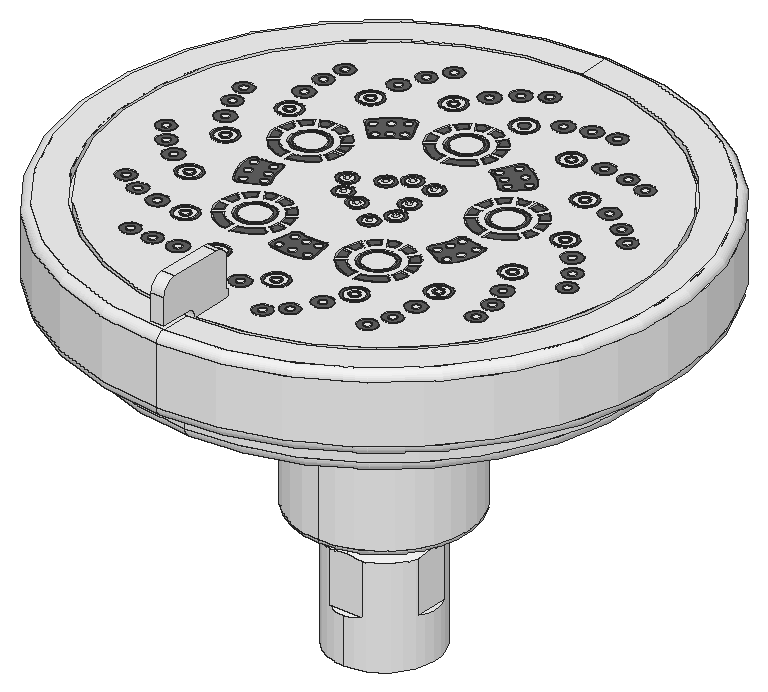
Revit family "S-4600", category Plumbing Fixtures, host Face, Revit 2023
Family settings
  Host = Face
  Round Connector Dimension = Use Diameter
  Part Type = Normal
  Enable Cutting in Views = Yes
  Cut with Voids When Loaded = No
  Maintain Annotation Orientation = No
  Shared = No
  Room Calculation Point = No
Parameters
  Shower Finish = Stainless Steel, Brushed
  Rubber = Rubber, Black
  Default Elevation = 4' - 0"
Reference planes (in)
  plane 1 "Center (Front/Back)": y = 0
  plane 2: z = 0
  plane 3 "Center (Left/Right)": x = 0
  plane 4: z = 3.6875
  plane 5: z = 1.125
  plane 6: z = 4.125
  plane 7: y = -2.62522
  plane 8: y = 2.62459
  plane 9: y = 2.28125
  plane 10: y = -2.28125
  plane 11: x = -2.62638
  plane 12: x = 2.62414
  plane 13: x = -2.28125
  plane 14: x = 2.28125
Forms (in)
  Revolve 1, solid, material "Stainless Steel, Brushed" <- "Shower Finish"
    sketch origin (0, 0, 0) x (0, 1, 0) y (0, 0, 1)
      loop
        line (-0.29852, 0) -> (-0.25, 0.02263) -> (-0.28047, 0.03683) -> (-0.25, 0.05104) -> (-0.28047, 0.06524) -> (-0.25, 0.07945) -> (-0.28047, 0.09366) -> (-0.25, 0.10786) -> (-0.28047, 0.12207) -> (-0.25, 0.13628) -> (-0.28047, 0.15048) -> (-0.25, 0.16469) -> (-0.28047, 0.17889) -> (-0.25, 0.1931) -> (-0.28047, 0.20731) -> (-0.25, 0.22151) -> (-0.28047, 0.23572) -> (-0.25, 0.24993) -> (-0.28047, 0.26413) -> (-0.25, 0.27834) -> (-0.28047, 0.29254) -> (-0.25, 0.30675) -> (-0.28047, 0.32096) -> (-0.25, 0.33516) -> (-0.28047, 0.34937) -> (-0.25, 0.36358) -> (-0.28047, 0.37778) -> (-0.25, 0.39199) -> (-0.28047, 0.40619) -> (-0.25, 0.4204) -> (-0.28047, 0.43461) -> (-0.25, 0.44881) -> (-0.28047, 0.46302) -> (-0.25, 0.47723) -> (-0.28047, 0.49143) -> (-0.25, 0.50564) -> (-0.28047, 0.51984) -> (-0.25, 0.53405) -> (-0.28047, 0.54826) -> (-0.25, 0.56246) -> (-0.28047, 0.57667) -> (-0.25, 0.59088) -> (-0.28047, 0.60508) -> (-0.25, 0.61929) -> (-0.28047, 0.63349) -> (-0.25, 0.6477) -> (-0.28047, 0.66191) -> (-0.25, 0.67611) -> (-0.28047, 0.69032) -> (-0.25, 0.70453) -> (-0.28047, 0.71873) -> (-0.25, 0.73294) -> (-0.28047, 0.74714) -> (-0.25, 0.76135) -> (-0.28047, 0.77556) -> (-0.25, 0.78976) -> (-0.28047, 0.80397) -> (-0.25, 0.81818) -> (-0.28047, 0.83238) -> (-0.25, 0.84659) -> (-0.28047, 0.86079) -> (-0.25, 0.875) -> (0, 0.875) -> (0, 3.60923) -> (-2.02682, 3.60923) -> (-2.02682, 3.6875) -> (-2.24858, 3.6875) -> (-2.24858, 3.60923) -> (-2.28125, 3.60923) -> (-2.28125, 3.6875) -> (-2.54646, 3.6875)
        arc (-2.54646, 3.6875) -> (-2.602, 3.6645) -> (-2.625, 3.60896) r 0.07854
        line (-2.625, 3.60896) -> (-2.625, 3.07913)
        arc (-2.625, 3.07913) -> (-2.59849, 3.01512) -> (-2.53448, 2.98861) r 0.09052
        line (-2.53448, 2.98861) -> (-2.40813, 2.98861)
        arc (-2.40813, 2.98861) -> (-2.32873, 2.95572) -> (-2.29584, 2.87632) r 0.11229
        line (-2.29584, 2.87632) -> (-2.29584, 2.76443)
        arc (-2.29584, 2.76443) -> (-2.26802, 2.69725) -> (-2.20085, 2.66943) r 0.095
        line (-2.20085, 2.66943) -> (-2.02682, 2.66943)
        arc (-2.02682, 2.66943) -> (-1.37149, 2.46028) -> (-0.80449, 2.07076) r 2.35615
        arc (-0.80449, 2.07076) -> (-0.80738, 2.04397) -> (-0.80079, 2.01785) r 0.0765
        arc (-0.80079, 2.01785) -> (-0.80069, 1.99054) -> (-0.78713, 1.96683) r 0.05353
        arc (-0.78713, 1.96683) -> (-0.77561, 1.94904) -> (-0.75781, 1.93752) r 0.05064
        line (-0.75781, 1.93752) -> (-0.75781, 1.16844)
        arc (-0.75781, 1.16844) -> (-0.74509, 1.13772) -> (-0.71437, 1.125) r 0.04344
        line (-0.71437, 1.125) -> (-0.36397, 1.125)
        arc (-0.36397, 1.125) -> (-0.31587, 1.03451) -> (-0.36711, 0.94577) r 0.10569
        line (-0.36711, 0.94577) -> (-0.46336, 0.9009) -> (-0.46336, 0) -> (-0.29852, 0)
      axis (0, 0) -> (0, 3.6875)
    angle from 0 to 360
  Extrusion 2, solid, material "Stainless Steel, Brushed" <- "Shower Finish"
    sketch origin (0, 0, 0) x (0, 1, 0) y (0, 0, 1)
      loop
        line (-2.61046, 3.77036) -> (-2.30673, 3.77036)
        arc (-2.30673, 3.77036) -> (-2.2636, 3.71356) -> (-2.28893, 3.64689) r 0.07354
        line (-2.28893, 3.64689) -> (-1.91016, 3.64689) -> (-1.91016, 3.67969)
        arc (-1.91016, 3.67969) -> (-1.87707, 3.72108) -> (-1.89653, 3.77036) r 0.05284
        line (-1.89653, 3.77036) -> (-1.89653, 4.02052)
        arc (-1.89653, 4.02052) -> (-1.92713, 4.0944) -> (-2.00101, 4.125) r 0.10448
        line (-2.00101, 4.125) -> (-2.485, 4.125)
        arc (-2.485, 4.125) -> (-2.57371, 4.08825) -> (-2.61046, 3.99954) r 0.12546
        line (-2.61046, 3.99954) -> (-2.61046, 3.77036)
    from -0.06077 to 0.05992
  Extrusion 3, solid, material "Stainless Steel, Brushed" <- "Shower Finish"
    sketch origin (0, 0, 0) x (1, 0, 0) y (0, 1, 0)
      loop
        circle (0, 0) r 2.02682
      loop
        arc (-0.25313, 0.75683) -> (-0.14627, 0.66036) -> (-0.00781, 0.62091) r 0.31793
        line (-0.00781, 0.62091) -> (-0.00781, 0.71778)
        arc (-0.00781, 0.71778) -> (-0.1016, 0.74618) -> (-0.17392, 0.8123) r 0.22123
        line (-0.17392, 0.8123) -> (-0.25313, 0.75683)
      loop
        circle (0.00983, 0.93651) r 0.12469
      loop
        line (-0.19317, 1.03091) -> (-0.27329, 1.08701)
        arc (-0.27329, 1.08701) -> (-0.2988, 1.02254) -> (-0.30974, 0.95409) r 0.31793
        line (-0.30974, 0.95409) -> (-0.21287, 0.95409)
        arc (-0.21287, 0.95409) -> (-0.20649, 0.99339) -> (-0.19317, 1.03091) r 0.22123
      loop
        line (-0.21287, 0.92284) -> (-0.30974, 0.92284)
        arc (-0.30974, 0.92284) -> (-0.29779, 0.85078) -> (-0.26972, 0.78336) r 0.31793
        line (-0.26972, 0.78336) -> (-0.18992, 0.83924)
        arc (-0.18992, 0.83924) -> (-0.20553, 0.8799) -> (-0.21287, 0.92284) r 0.22123
      loop
        arc (-0.17804, 1.05846) -> (-0.14594, 1.09753) -> (-0.1058, 1.12829) r 0.22123
        line (-0.1058, 1.12829) -> (-0.16137, 1.20764)
        arc (-0.16137, 1.20764) -> (-0.21433, 1.16592) -> (-0.2573, 1.11396) r 0.31793
        line (-0.2573, 1.11396) -> (-0.17804, 1.05846)
      loop
        arc (-0.07763, 1.14253) -> (-0.0434, 1.15368) -> (-0.00781, 1.15914) r 0.22123
        line (-0.00781, 1.15914) -> (-0.00781, 1.25601)
        arc (-0.00781, 1.25601) -> (-0.07261, 1.24606) -> (-0.13399, 1.22302) r 0.31793
        line (-0.13399, 1.22302) -> (-0.07763, 1.14253)
      loop
        arc (0.02344, 1.15914) -> (0.06725, 1.15156) -> (0.10866, 1.13537) r 0.22123
        line (0.10866, 1.13537) -> (0.1588, 1.21826)
        arc (0.1588, 1.21826) -> (0.09323, 1.24471) -> (0.02344, 1.25601) r 0.31793
        line (0.02344, 1.25601) -> (0.02344, 1.15914)
      loop
        arc (0.1354, 1.11919) -> (0.17161, 1.08716) -> (0.20001, 1.04803) r 0.22123
        line (0.20001, 1.04803) -> (0.27946, 1.10366)
        arc (0.27946, 1.10366) -> (0.23782, 1.15795) -> (0.18553, 1.20208) r 0.31793
        line (0.18553, 1.20208) -> (0.1354, 1.11919)
      loop
        arc (0.21368, 1.01945) -> (0.22358, 0.98733) -> (0.22849, 0.95409) r 0.22123
        line (0.22849, 0.95409) -> (0.32536, 0.95409)
        arc (0.32536, 0.95409) -> (0.316, 1.01659) -> (0.29445, 1.07601) r 0.31793
        line (0.29445, 1.07601) -> (0.21368, 1.01945)
      loop
        arc (0.22849, 0.92284) -> (0.22213, 0.88361) -> (0.20886, 0.84615) r 0.22123
        line (0.20886, 0.84615) -> (0.28898, 0.79005)
        arc (0.28898, 0.79005) -> (0.31445, 0.85445) -> (0.32536, 0.92284) r 0.31793
        line (0.32536, 0.92284) -> (0.22849, 0.92284)
      loop
        arc (0.19375, 0.81858) -> (0.12049, 0.74808) -> (0.02344, 0.71778) r 0.22123
        line (0.02344, 0.71778) -> (0.02344, 0.62091)
        arc (0.02344, 0.62091) -> (0.16519, 0.66221) -> (0.273, 0.76309) r 0.31793
        line (0.273, 0.76309) -> (0.19375, 0.81858)
      loop
        arc (0.65942, 0.09382) -> (0.76629, -0.00265) -> (0.90474, -0.0421) r 0.31793
        line (0.90474, -0.0421) -> (0.90474, 0.05477)
        arc (0.90474, 0.05477) -> (0.81096, 0.08317) -> (0.73864, 0.14929) r 0.22123
        line (0.73864, 0.14929) -> (0.65942, 0.09382)
      loop
        circle (0.92238, 0.27349) r 0.12469
      loop
        line (0.71938, 0.3679) -> (0.63927, 0.42399)
        arc (0.63927, 0.42399) -> (0.61375, 0.35953) -> (0.60282, 0.29107) r 0.31793
        line (0.60282, 0.29107) -> (0.69969, 0.29107)
        arc (0.69969, 0.29107) -> (0.70607, 0.33038) -> (0.71938, 0.3679) r 0.22123
      loop
        line (0.69969, 0.25982) -> (0.60282, 0.25982)
        arc (0.60282, 0.25982) -> (0.61476, 0.18777) -> (0.64283, 0.12035) r 0.31793
        line (0.64283, 0.12035) -> (0.72264, 0.17623)
        arc (0.72264, 0.17623) -> (0.70703, 0.21689) -> (0.69969, 0.25982) r 0.22123
      loop
        arc (0.73451, 0.39545) -> (0.76662, 0.43452) -> (0.80675, 0.46528) r 0.22123
        line (0.80675, 0.46528) -> (0.75119, 0.54463)
        arc (0.75119, 0.54463) -> (0.69823, 0.5029) -> (0.65526, 0.45095) r 0.31793
        line (0.65526, 0.45095) -> (0.73451, 0.39545)
      loop
        arc (0.83493, 0.47952) -> (0.86916, 0.49067) -> (0.90474, 0.49613) r 0.22123
        line (0.90474, 0.49613) -> (0.90474, 0.593)
        arc (0.90474, 0.593) -> (0.83995, 0.58304) -> (0.77857, 0.56001) r 0.31793
        line (0.77857, 0.56001) -> (0.83493, 0.47952)
      loop
        arc (0.93599, 0.49613) -> (0.9798, 0.48855) -> (1.02121, 0.47236) r 0.22123
        line (1.02121, 0.47236) -> (1.07135, 0.55525)
        arc (1.07135, 0.55525) -> (1.00578, 0.5817) -> (0.93599, 0.593) r 0.31793
        line (0.93599, 0.593) -> (0.93599, 0.49613)
      loop
        arc (1.04795, 0.45618) -> (1.08417, 0.42415) -> (1.11256, 0.38501) r 0.22123
        line (1.11256, 0.38501) -> (1.19202, 0.44065)
        arc (1.19202, 0.44065) -> (1.15038, 0.49494) -> (1.09809, 0.53907) r 0.31793
        line (1.09809, 0.53907) -> (1.04795, 0.45618)
      loop
        arc (1.12624, 0.35644) -> (1.13613, 0.32432) -> (1.14105, 0.29107) r 0.22123
        line (1.14105, 0.29107) -> (1.23792, 0.29107)
        arc (1.23792, 0.29107) -> (1.22855, 0.35358) -> (1.20701, 0.413) r 0.31793
        line (1.20701, 0.413) -> (1.12624, 0.35644)
      loop
        arc (1.14105, 0.25982) -> (1.13469, 0.22059) -> (1.12142, 0.18314) r 0.22123
        line (1.12142, 0.18314) -> (1.20154, 0.12704)
        arc (1.20154, 0.12704) -> (1.227, 0.19144) -> (1.23792, 0.25982) r 0.31793
        line (1.23792, 0.25982) -> (1.14105, 0.25982)
      loop
        arc (1.1063, 0.15557) -> (1.03305, 0.08507) -> (0.93599, 0.05477) r 0.22123
        line (0.93599, 0.05477) -> (0.93599, -0.0421)
        arc (0.93599, -0.0421) -> (1.07775, -0.0008) -> (1.18556, 0.10007) r 0.31793
        line (1.18556, 0.10007) -> (1.1063, 0.15557)
      loop
        arc (0.31369, -0.97024) -> (0.42055, -1.06671) -> (0.55901, -1.10616) r 0.31793
        line (0.55901, -1.10616) -> (0.55901, -1.00928)
        arc (0.55901, -1.00928) -> (0.46523, -0.98089) -> (0.39291, -0.91477) r 0.22123
        line (0.39291, -0.91477) -> (0.31369, -0.97024)
      loop
        circle (0.57665, -0.79056) r 0.12469
      loop
        line (0.37365, -0.69615) -> (0.29354, -0.64006)
        arc (0.29354, -0.64006) -> (0.26802, -0.70452) -> (0.25709, -0.77298) r 0.31793
        line (0.25709, -0.77298) -> (0.35396, -0.77298)
        arc (0.35396, -0.77298) -> (0.36033, -0.73368) -> (0.37365, -0.69615) r 0.22123
      loop
        line (0.35396, -0.80423) -> (0.25709, -0.80423)
        arc (0.25709, -0.80423) -> (0.26903, -0.87628) -> (0.2971, -0.9437) r 0.31793
        line (0.2971, -0.9437) -> (0.3769, -0.88782)
        arc (0.3769, -0.88782) -> (0.3613, -0.84716) -> (0.35396, -0.80423) r 0.22123
      loop
        arc (0.38878, -0.6686) -> (0.42089, -0.62953) -> (0.46102, -0.59878) r 0.22123
        line (0.46102, -0.59878) -> (0.40545, -0.51942)
        arc (0.40545, -0.51942) -> (0.3525, -0.56115) -> (0.30953, -0.61311) r 0.31793
        line (0.30953, -0.61311) -> (0.38878, -0.6686)
      loop
        arc (0.4892, -0.58454) -> (0.52343, -0.57338) -> (0.55901, -0.56793) r 0.22123
        line (0.55901, -0.56793) -> (0.55901, -0.47105)
        arc (0.55901, -0.47105) -> (0.49421, -0.48101) -> (0.43284, -0.50404) r 0.31793
        line (0.43284, -0.50404) -> (0.4892, -0.58454)
      loop
        arc (0.59026, -0.56793) -> (0.63407, -0.57551) -> (0.67548, -0.5917) r 0.22123
        line (0.67548, -0.5917) -> (0.72562, -0.50881)
        arc (0.72562, -0.50881) -> (0.66005, -0.48236) -> (0.59026, -0.47105) r 0.31793
        line (0.59026, -0.47105) -> (0.59026, -0.56793)
      loop
        arc (0.70222, -0.60787) -> (0.73844, -0.6399) -> (0.76683, -0.67904) r 0.22123
        line (0.76683, -0.67904) -> (0.84628, -0.62341)
        arc (0.84628, -0.62341) -> (0.80465, -0.56911) -> (0.75236, -0.52498) r 0.31793
        line (0.75236, -0.52498) -> (0.70222, -0.60787)
      loop
        arc (0.78051, -0.70761) -> (0.7904, -0.73973) -> (0.79531, -0.77298) r 0.22123
        line (0.79531, -0.77298) -> (0.89219, -0.77298)
        arc (0.89219, -0.77298) -> (0.88282, -0.71047) -> (0.86128, -0.65106) r 0.31793
        line (0.86128, -0.65106) -> (0.78051, -0.70761)
      loop
        arc (0.79531, -0.80423) -> (0.78896, -0.84346) -> (0.77569, -0.88092) r 0.22123
        line (0.77569, -0.88092) -> (0.8558, -0.93702)
        arc (0.8558, -0.93702) -> (0.88127, -0.87262) -> (0.89219, -0.80423) r 0.31793
        line (0.89219, -0.80423) -> (0.79531, -0.80423)
      loop
        arc (0.76057, -0.90848) -> (0.68732, -0.97899) -> (0.59026, -1.00928) r 0.22123
        line (0.59026, -1.00928) -> (0.59026, -1.10616)
        arc (0.59026, -1.10616) -> (0.73201, -1.06486) -> (0.83983, -0.96398) r 0.31793
        line (0.83983, -0.96398) -> (0.76057, -0.90848)
      loop
        arc (-0.81863, -0.97414) -> (-0.71177, -1.07061) -> (-0.57331, -1.11006) r 0.31793
        line (-0.57331, -1.11006) -> (-0.57331, -1.01319)
        arc (-0.57331, -1.01319) -> (-0.6671, -0.98479) -> (-0.73942, -0.91867) r 0.22123
        line (-0.73942, -0.91867) -> (-0.81863, -0.97414)
      loop
        circle (-0.55567, -0.79447) r 0.12469
      loop
        line (-0.75867, -0.70006) -> (-0.83879, -0.64397)
        arc (-0.83879, -0.64397) -> (-0.8643, -0.70843) -> (-0.87524, -0.77689) r 0.31793
        line (-0.87524, -0.77689) -> (-0.77837, -0.77689)
        arc (-0.77837, -0.77689) -> (-0.77199, -0.73758) -> (-0.75867, -0.70006) r 0.22123
      loop
        line (-0.77837, -0.80814) -> (-0.87524, -0.80814)
        arc (-0.87524, -0.80814) -> (-0.86329, -0.88019) -> (-0.83522, -0.94761) r 0.31793
        line (-0.83522, -0.94761) -> (-0.75542, -0.89173)
        arc (-0.75542, -0.89173) -> (-0.77103, -0.85107) -> (-0.77837, -0.80814) r 0.22123
      loop
        arc (-0.74354, -0.67251) -> (-0.71144, -0.63344) -> (-0.6713, -0.60268) r 0.22123
        line (-0.6713, -0.60268) -> (-0.72687, -0.52333)
        arc (-0.72687, -0.52333) -> (-0.77983, -0.56506) -> (-0.8228, -0.61701) r 0.31793
        line (-0.8228, -0.61701) -> (-0.74354, -0.67251)
      loop
        arc (-0.64313, -0.58844) -> (-0.6089, -0.57729) -> (-0.57331, -0.57183) r 0.22123
        line (-0.57331, -0.57183) -> (-0.57331, -0.47496)
        arc (-0.57331, -0.47496) -> (-0.63811, -0.48492) -> (-0.69949, -0.50795) r 0.31793
        line (-0.69949, -0.50795) -> (-0.64313, -0.58844)
      loop
        arc (-0.54206, -0.57183) -> (-0.49825, -0.57941) -> (-0.45684, -0.5956) r 0.22123
        line (-0.45684, -0.5956) -> (-0.4067, -0.51271)
        arc (-0.4067, -0.51271) -> (-0.47227, -0.48627) -> (-0.54206, -0.47496) r 0.31793
        line (-0.54206, -0.47496) -> (-0.54206, -0.57183)
      loop
        arc (-0.4301, -0.61178) -> (-0.39389, -0.64381) -> (-0.36549, -0.68295) r 0.22123
        line (-0.36549, -0.68295) -> (-0.28604, -0.62731)
        arc (-0.28604, -0.62731) -> (-0.32768, -0.57302) -> (-0.37997, -0.52889) r 0.31793
        line (-0.37997, -0.52889) -> (-0.4301, -0.61178)
      loop
        arc (-0.35182, -0.71152) -> (-0.34192, -0.74364) -> (-0.33701, -0.77689) r 0.22123
        line (-0.33701, -0.77689) -> (-0.24014, -0.77689)
        arc (-0.24014, -0.77689) -> (-0.2495, -0.71438) -> (-0.27105, -0.65496) r 0.31793
        line (-0.27105, -0.65496) -> (-0.35182, -0.71152)
      loop
        arc (-0.33701, -0.80814) -> (-0.34337, -0.84737) -> (-0.35664, -0.88483) r 0.22123
        line (-0.35664, -0.88483) -> (-0.27652, -0.94093)
        arc (-0.27652, -0.94093) -> (-0.25105, -0.87652) -> (-0.24014, -0.80814) r 0.31793
        line (-0.24014, -0.80814) -> (-0.33701, -0.80814)
      loop
        arc (-0.37175, -0.91239) -> (-0.44501, -0.9829) -> (-0.54206, -1.01319) r 0.22123
        line (-0.54206, -1.01319) -> (-0.54206, -1.11006)
        arc (-0.54206, -1.11006) -> (-0.40031, -1.06876) -> (-0.2925, -0.96789) r 0.31793
        line (-0.2925, -0.96789) -> (-0.37175, -0.91239)
      loop
        arc (-1.16823, 0.1018) -> (-1.06137, 0.00533) -> (-0.92291, -0.03412) r 0.31793
        line (-0.92291, -0.03412) -> (-0.92291, 0.06276)
        arc (-0.92291, 0.06276) -> (-1.01669, 0.09115) -> (-1.08901, 0.15727) r 0.22123
        line (-1.08901, 0.15727) -> (-1.16823, 0.1018)
      loop
        circle (-0.90527, 0.28148) r 0.12469
      loop
        line (-1.10827, 0.37588) -> (-1.18838, 0.43198)
        arc (-1.18838, 0.43198) -> (-1.2139, 0.36752) -> (-1.22483, 0.29906) r 0.31793
        line (-1.22483, 0.29906) -> (-1.12796, 0.29906)
        arc (-1.12796, 0.29906) -> (-1.12159, 0.33836) -> (-1.10827, 0.37588) r 0.22123
      loop
        line (-1.12796, 0.26781) -> (-1.22483, 0.26781)
        arc (-1.22483, 0.26781) -> (-1.21289, 0.19576) -> (-1.18482, 0.12833) r 0.31793
        line (-1.18482, 0.12833) -> (-1.10502, 0.18421)
        arc (-1.10502, 0.18421) -> (-1.12062, 0.22488) -> (-1.12796, 0.26781) r 0.22123
      loop
        arc (-1.09314, 0.40344) -> (-1.06103, 0.4425) -> (-1.0209, 0.47326) r 0.22123
        line (-1.0209, 0.47326) -> (-1.07647, 0.55262)
        arc (-1.07647, 0.55262) -> (-1.12942, 0.51089) -> (-1.17239, 0.45893) r 0.31793
        line (-1.17239, 0.45893) -> (-1.09314, 0.40344)
      loop
        arc (-0.99272, 0.4875) -> (-0.95849, 0.49865) -> (-0.92291, 0.50411) r 0.22123
        line (-0.92291, 0.50411) -> (-0.92291, 0.60098)
        arc (-0.92291, 0.60098) -> (-0.98771, 0.59103) -> (-1.04908, 0.56799) r 0.31793
        line (-1.04908, 0.56799) -> (-0.99272, 0.4875)
      loop
        arc (-0.89166, 0.50411) -> (-0.84785, 0.49653) -> (-0.80644, 0.48034) r 0.22123
        line (-0.80644, 0.48034) -> (-0.7563, 0.56323)
        arc (-0.7563, 0.56323) -> (-0.82187, 0.58968) -> (-0.89166, 0.60098) r 0.31793
        line (-0.89166, 0.60098) -> (-0.89166, 0.50411)
      loop
        arc (-0.7797, 0.46417) -> (-0.74348, 0.43213) -> (-0.71509, 0.393) r 0.22123
        line (-0.71509, 0.393) -> (-0.63564, 0.44863)
        arc (-0.63564, 0.44863) -> (-0.67727, 0.50293) -> (-0.72956, 0.54706) r 0.31793
        line (-0.72956, 0.54706) -> (-0.7797, 0.46417)
      loop
        arc (-0.70141, 0.36443) -> (-0.69152, 0.33231) -> (-0.68661, 0.29906) r 0.22123
        line (-0.68661, 0.29906) -> (-0.58973, 0.29906)
        arc (-0.58973, 0.29906) -> (-0.5991, 0.36156) -> (-0.62064, 0.42098) r 0.31793
        line (-0.62064, 0.42098) -> (-0.70141, 0.36443)
      loop
        arc (-0.68661, 0.26781) -> (-0.69296, 0.22858) -> (-0.70623, 0.19112) r 0.22123
        line (-0.70623, 0.19112) -> (-0.62612, 0.13502)
        arc (-0.62612, 0.13502) -> (-0.60065, 0.19942) -> (-0.58973, 0.26781) r 0.31793
        line (-0.58973, 0.26781) -> (-0.68661, 0.26781)
      loop
        arc (-0.72135, 0.16355) -> (-0.7946, 0.09305) -> (-0.89166, 0.06276) r 0.22123
        line (-0.89166, 0.06276) -> (-0.89166, -0.03412)
        arc (-0.89166, -0.03412) -> (-0.74991, 0.00718) -> (-0.64209, 0.10806) r 0.31793
        line (-0.64209, 0.10806) -> (-0.72135, 0.16355)
      loop
        line (0.47293, 0.95295) -> (0.37936, 0.77699)
        arc (0.37936, 0.77699) -> (0.37648, 0.74363) -> (0.39852, 0.71842) r 0.04275
        arc (0.39852, 0.71842) -> (0.49183, 0.6603) -> (0.57062, 0.58364) r 0.51329
        arc (0.57062, 0.58364) -> (0.61286, 0.56256) -> (0.65689, 0.5796) r 0.0584
        line (0.65689, 0.5796) -> (0.78703, 0.70974)
        arc (0.78703, 0.70974) -> (0.80499, 0.7481) -> (0.79423, 0.78907) r 0.0622
        arc (0.79423, 0.78907) -> (0.68093, 0.9057) -> (0.5357, 0.97884) r 0.4901
        arc (0.5357, 0.97884) -> (0.49965, 0.9772) -> (0.47293, 0.95295) r 0.05327
      loop
        circle (0.52244, 0.90476) r 0.03322
      loop
        circle (0.63414, 0.83202) r 0.03322
      loop
        circle (0.7322, 0.75604) r 0.03322
      loop
        circle (0.44646, 0.76773) r 0.03322
      loop
        circle (0.53738, 0.71123) r 0.03322
      loop
        circle (0.6218, 0.64369) r 0.03322
      loop
        line (1.05246, -0.1553) -> (0.85619, -0.12069)
        arc (0.85619, -0.12069) -> (0.82357, -0.12826) -> (0.80641, -0.15701) r 0.04275
        arc (0.80641, -0.15701) -> (0.77996, -0.26371) -> (0.73141, -0.36234) r 0.51329
        arc (0.73141, -0.36234) -> (0.72441, -0.40903) -> (0.75423, -0.44563) r 0.0584
        line (0.75423, -0.44563) -> (0.91821, -0.52919)
        arc (0.91821, -0.52919) -> (0.96024, -0.53442) -> (0.99588, -0.51153) r 0.0622
        arc (0.99588, -0.51153) -> (1.07179, -0.36773) -> (1.09647, -0.207) r 0.4901
        arc (1.09647, -0.207) -> (1.08377, -0.17323) -> (1.05246, -0.1553) r 0.05327
      loop
        circle (1.02192, -0.21729) r 0.03322
      loop
        circle (0.98726, -0.34599) r 0.03322
      loop
        circle (0.9453, -0.46273) r 0.03322
      loop
        circle (0.86812, -0.18737) r 0.03322
      loop
        circle (0.84248, -0.29129) r 0.03322
      loop
        circle (0.80434, -0.39246) r 0.03322
      loop
        line (0.18998, -1.04675) -> (0.1599, -0.84974)
        arc (0.1599, -0.84974) -> (0.14229, -0.82126) -> (0.10955, -0.81421) r 0.04275
        arc (0.10955, -0.81421) -> (0, -0.82334) -> (-0.10898, -0.80893) r 0.51329
        arc (-0.10898, -0.80893) -> (-0.15545, -0.81726) -> (-0.18058, -0.85723) r 0.0584
        line (-0.18058, -0.85723) -> (-0.20721, -1.03933)
        arc (-0.20721, -1.03933) -> (-0.1987, -1.08083) -> (-0.1656, -1.10725) r 0.0622
        arc (-0.1656, -1.10725) -> (-0.00506, -1.13311) -> (0.1551, -1.10501) r 0.4901
        arc (0.1551, -1.10501) -> (0.18303, -1.08216) -> (0.18998, -1.04675) r 0.05327
      loop
        circle (0.12148, -1.03768) r 0.03322
      loop
        circle (-0.01155, -1.04607) r 0.03322
      loop
        circle (-0.13558, -1.04371) r 0.03322
      loop
        circle (0.10056, -0.8824) r 0.03322
      loop
        circle (-0.0061, -0.8914) r 0.03322
      loop
        circle (-0.11415, -0.88766) r 0.03322
      loop
        line (-0.92787, -0.52042) -> (-0.75139, -0.42784)
        arc (-0.75139, -0.42784) -> (-0.73019, -0.40191) -> (-0.73419, -0.36866) r 0.04275
        arc (-0.73419, -0.36866) -> (-0.77848, -0.26805) -> (-0.80034, -0.16032) r 0.51329
        arc (-0.80034, -0.16032) -> (-0.82334, -0.11909) -> (-0.86931, -0.10834) r 0.0584
        line (-0.86931, -0.10834) -> (-1.05017, -0.14246)
        arc (-1.05017, -0.14246) -> (-1.08663, -0.16401) -> (-1.10084, -0.20391) r 0.0622
        arc (-1.10084, -0.20391) -> (-1.07302, -0.36412) -> (-0.99431, -0.50641) r 0.4901
        arc (-0.99431, -0.50641) -> (-0.96361, -0.52537) -> (-0.92787, -0.52042) r 0.05327
      loop
        circle (-0.94159, -0.4527) r 0.03322
      loop
        circle (-0.99284, -0.32965) r 0.03322
      loop
        circle (-1.03099, -0.21161) r 0.03322
      loop
        circle (-0.80158, -0.38236) r 0.03322
      loop
        circle (-0.84482, -0.28444) r 0.03322
      loop
        circle (-0.87647, -0.18106) r 0.03322
      loop
        line (-0.77557, 0.72819) -> (-0.63416, 0.58776)
        arc (-0.63416, 0.58776) -> (-0.60306, 0.57536) -> (-0.57256, 0.58917) r 0.04275
        arc (-0.57256, 0.58917) -> (-0.48995, 0.6617) -> (-0.39379, 0.71497) r 0.51329
        arc (-0.39379, 0.71497) -> (-0.36139, 0.74931) -> (-0.36498, 0.79639) r 0.0584
        line (-0.36498, 0.79639) -> (-0.45195, 0.95859)
        arc (-0.45195, 0.95859) -> (-0.48348, 0.98687) -> (-0.52581, 0.98842) r 0.0622
        arc (-0.52581, 0.98842) -> (-0.67021, 0.91366) -> (-0.78221, 0.79577) r 0.4901
        arc (-0.78221, 0.79577) -> (-0.79105, 0.76079) -> (-0.77557, 0.72819) r 0.05327
      loop
        circle (-0.71512, 0.76167) r 0.03322
      loop
        circle (-0.6132, 0.84757) r 0.03322
      loop
        circle (-0.51212, 0.91948) r 0.03322
      loop
        circle (-0.60591, 0.64932) r 0.03322
      loop
        circle (-0.52554, 0.72002) r 0.03322
      loop
        circle (-0.43648, 0.78132) r 0.03322
      loop
        circle (-0.36299, 0.02664) r 0.08914
      loop
        circle (-0.36299, 0.02664) r 0.05801
      loop
        circle (-0.26107, -0.14438) r 0.08914
      loop
        circle (-0.26107, -0.14438) r 0.05801
      loop
        circle (-0.08142, -0.21693) r 0.08914
      loop
        circle (-0.08142, -0.21693) r 0.05801
      loop
        circle (0.15179, -0.36203) r 0.08914
      loop
        circle (0.15179, -0.36203) r 0.05801
      loop
        circle (0.26234, -0.19447) r 0.08914
      loop
        circle (0.26234, -0.19447) r 0.05801
      loop
        circle (0.22779, 0.00591) r 0.08914
      loop
        circle (0.22779, 0.00591) r 0.05801
      loop
        circle (-0.11251, 0.15965) r 0.08914
      loop
        circle (-0.11251, 0.15965) r 0.05801
      loop
        circle (0.03432, 0.28403) r 0.08914
      loop
        circle (0.03432, 0.28403) r 0.05801
      loop
        circle (0.23989, 0.27712) r 0.08914
      loop
        circle (0.23989, 0.27712) r 0.05801
      loop
        circle (-0.11251, 0.15965) r 0.02676
      loop
        circle (-0.36299, 0.02664) r 0.02676
      loop
        circle (-0.26107, -0.14438) r 0.02676
      loop
        circle (-0.08142, -0.21693) r 0.02676
      loop
        circle (0.15179, -0.36203) r 0.02676
      loop
        circle (0.26234, -0.19447) r 0.02676
      loop
        circle (0.22779, 0.00591) r 0.02676
      loop
        circle (0.23989, 0.27712) r 0.02676
      loop
        circle (0.03432, 0.28403) r 0.02676
      loop
        circle (-0.44727, 1.35736) r 0.11302
      loop
        circle (-0.44727, 1.35736) r 0.08738
      loop
        circle (-0.44727, 1.35736) r 0.04705
      loop
        circle (-0.44727, 1.35736) r 0.03153
      loop
        circle (-0.29939, 1.58686) r 0.09087
      loop
        circle (-0.29939, 1.58686) r 0.03325
      loop
        circle (-0.13862, 1.74634) r 0.08832
      loop
        circle (-0.13862, 1.74634) r 0.03312
      loop
        circle (0.03457, 1.86316) r 0.08414
      loop
        circle (0.03457, 1.86316) r 0.03388
      loop
        circle (0.15405, 1.41895) r 0.11521
      loop
        circle (0.15405, 1.41895) r 0.09222
      loop
        circle (0.15405, 1.41895) r 0.04871
      loop
        circle (0.38191, 1.58686) r 0.09087
      loop
        circle (0.38191, 1.58686) r 0.03325
      loop
        circle (1.00038, 1.28521) r 0.09087
      loop
        circle (1.00038, 1.28521) r 0.03325
      loop
        circle (1.43995, 0.79702) r 0.09087
      loop
        circle (1.43995, 0.79702) r 0.03325
      loop
        circle (1.63401, 0.12025) r 0.09087
      loop
        circle (1.63401, 0.12025) r 0.03325
      loop
        circle (1.54902, -0.57201) r 0.09087
      loop
        circle (1.54902, -0.57201) r 0.03325
      loop
        circle (1.2051, -1.14057) r 0.09087
      loop
        circle (1.2051, -1.14057) r 0.03325
      loop
        circle (0.63851, -1.50852) r 0.09087
      loop
        circle (0.63851, -1.50852) r 0.03325
      loop
        circle (-0.02077, -1.63667) r 0.09087
      loop
        circle (-0.02077, -1.63667) r 0.03325
      loop
        circle (-0.68792, -1.51903) r 0.09087
      loop
        circle (-0.68792, -1.51903) r 0.03325
      loop
        circle (-1.2242, -1.08477) r 0.09087
      loop
        circle (-1.2242, -1.08477) r 0.03325
      loop
        circle (-1.55781, -0.48292) r 0.09087
      loop
        circle (-1.55781, -0.48292) r 0.03325
      loop
        circle (-1.61641, 0.18693) r 0.09087
      loop
        circle (-1.61641, 0.18693) r 0.03325
      loop
        circle (-1.39765, 0.82225) r 0.09087
      loop
        circle (-1.39765, 0.82225) r 0.03325
      loop
        circle (-0.93005, 1.32369) r 0.09087
      loop
        circle (-0.93005, 1.32369) r 0.03325
      loop
        circle (-0.96645, 1.04969) r 0.11302
      loop
        circle (-0.96645, 1.04969) r 0.08738
      loop
        circle (-0.96645, 1.04969) r 0.04705
      loop
        circle (-0.96645, 1.04969) r 0.03153
      loop
        circle (-1.32223, 0.56) r 0.11302
      loop
        circle (-1.32223, 0.56) r 0.08738
      loop
        circle (-1.32223, 0.56) r 0.04705
      loop
        circle (-1.32223, 0.56) r 0.03153
      loop
        circle (-1.44265, -0.02876) r 0.11302
      loop
        circle (-1.44265, -0.02876) r 0.08738
      loop
        circle (-1.44265, -0.02876) r 0.04705
      loop
        circle (-1.44265, -0.02876) r 0.03153
      loop
        circle (-1.308, -0.61197) r 0.11302
      loop
        circle (-1.308, -0.61197) r 0.08738
      loop
        circle (-1.308, -0.61197) r 0.04705
      loop
        circle (-1.308, -0.61197) r 0.03153
      loop
        circle (-0.95355, -1.09983) r 0.11302
      loop
        circle (-0.95355, -1.09983) r 0.08738
      loop
        circle (-0.95355, -1.09983) r 0.04705
      loop
        circle (-0.95355, -1.09983) r 0.03153
      loop
        circle (-0.43032, -1.40192) r 0.11302
      loop
        circle (-0.43032, -1.40192) r 0.08738
      loop
        circle (-0.43032, -1.40192) r 0.04705
      loop
        circle (-0.43032, -1.40192) r 0.03153
      loop
        circle (0.17253, -1.46089) r 0.11302
      loop
        circle (0.17253, -1.46089) r 0.08738
      loop
        circle (0.17253, -1.46089) r 0.04705
      loop
        circle (0.17253, -1.46089) r 0.03153
      loop
        circle (0.7457, -1.27465) r 0.11302
      loop
        circle (0.7457, -1.27465) r 0.08738
      loop
        circle (0.7457, -1.27465) r 0.04705
      loop
        circle (0.7457, -1.27465) r 0.03153
      loop
        circle (1.19365, -0.86484) r 0.11302
      loop
        circle (1.19365, -0.86484) r 0.08738
      loop
        circle (1.19365, -0.86484) r 0.04705
      loop
        circle (1.19365, -0.86484) r 0.03153
      loop
        circle (1.42977, -0.30858) r 0.11302
      loop
        circle (1.42977, -0.30858) r 0.08738
      loop
        circle (1.42977, -0.30858) r 0.04705
      loop
        circle (1.42977, -0.30858) r 0.03153
      loop
        circle (1.42977, 0.29609) r 0.11302
      loop
        circle (1.42977, 0.29609) r 0.08738
      loop
        circle (1.42977, 0.29609) r 0.04705
      loop
        circle (1.42977, 0.29609) r 0.03153
      loop
        circle (1.17498, 0.84249) r 0.11302
      loop
        circle (1.17498, 0.84249) r 0.08738
      loop
        circle (1.17498, 0.84249) r 0.04705
      loop
        circle (1.17498, 0.84249) r 0.03153
      loop
        circle (0.72831, 1.24467) r 0.11302
      loop
        circle (0.72831, 1.24467) r 0.08738
      loop
        circle (0.72831, 1.24467) r 0.04705
      loop
        circle (0.72831, 1.24467) r 0.03153
      loop
        circle (0.59191, 1.65509) r 0.09087
      loop
        circle (0.59191, 1.65509) r 0.03325
      loop
        circle (0.79922, 1.68663) r 0.08414
      loop
        circle (0.79922, 1.68663) r 0.03388
      loop
        circle (1.42828, 1.22179) r 0.08414
      loop
        circle (1.42828, 1.22179) r 0.03388
      loop
        circle (1.8122, 0.53837) r 0.08414
      loop
        circle (1.8122, 0.53837) r 0.03388
      loop
        circle (1.88066, -0.24413) r 0.08414
      loop
        circle (1.88066, -0.24413) r 0.03388
      loop
        circle (1.63342, -0.98551) r 0.08414
      loop
        circle (1.63342, -0.98551) r 0.03388
      loop
        circle (1.09525, -1.56263) r 0.08414
      loop
        circle (1.09525, -1.56263) r 0.03388
      loop
        circle (0.37302, -1.8692) r 0.08414
      loop
        circle (0.37302, -1.8692) r 0.03388
      loop
        circle (-0.41264, -1.85548) r 0.08414
      loop
        circle (-0.41264, -1.85548) r 0.03388
      loop
        circle (-1.12111, -1.52512) r 0.08414
      loop
        circle (-1.12111, -1.52512) r 0.03388
      loop
        circle (-1.63541, -0.93349) r 0.08414
      loop
        circle (-1.63541, -0.93349) r 0.03388
      loop
        circle (-1.86412, -0.18542) r 0.08414
      loop
        circle (-1.86412, -0.18542) r 0.03388
      loop
        circle (-1.71899, 0.39667) r 0.08414
      loop
        circle (-1.71899, 0.39667) r 0.03388
      loop
        circle (-1.77248, 0.59631) r 0.08414
      loop
        circle (-1.77248, 0.59631) r 0.03388
      loop
        circle (-1.37124, 1.25965) r 0.08414
      loop
        circle (-1.37124, 1.25965) r 0.03388
      loop
        circle (-1.40094, 1.04827) r 0.08414
      loop
        circle (-1.40094, 1.04827) r 0.03388
      loop
        circle (-0.8405, 1.53546) r 0.08414
      loop
        circle (-0.8405, 1.53546) r 0.03388
      loop
        circle (-0.72867, 1.71441) r 0.08414
      loop
        circle (-0.72867, 1.71441) r 0.03388
      loop
        circle (1.23207, 1.27016) r 0.08414
      loop
        circle (1.23207, 1.27016) r 0.03388
      loop
        circle (1.65378, 0.6679) r 0.08414
      loop
        circle (1.65378, 0.6679) r 0.03388
      loop
        circle (1.78203, -0.05946) r 0.08414
      loop
        circle (1.78203, -0.05946) r 0.03388
      loop
        circle (1.61639, -0.77695) r 0.08414
      loop
        circle (1.61639, -0.77695) r 0.03388
      loop
        circle (1.1713, -1.3676) r 0.08414
      loop
        circle (1.1713, -1.3676) r 0.03388
      loop
        circle (0.51534, -1.73121) r 0.08414
      loop
        circle (0.51534, -1.73121) r 0.03388
      loop
        circle (-0.21185, -1.76932) r 0.08414
      loop
        circle (-0.21185, -1.76932) r 0.03388
      loop
        circle (-0.90776, -1.53534) r 0.08414
      loop
        circle (-0.90776, -1.53534) r 0.03388
      loop
        circle (-1.44849, -1.0311) r 0.08414
      loop
        circle (-1.44849, -1.0311) r 0.03388
      loop
        circle (-1.72939, -0.35046) r 0.08414
      loop
        circle (-1.72939, -0.35046) r 0.03388
      loop
        circle (0.00983, 0.93651) r 0.16978
      loop
        circle (0.92238, 0.27349) r 0.16978
      loop
        circle (0.57665, -0.79056) r 0.16978
      loop
        circle (-0.55366, -0.79642) r 0.16978
      loop
        circle (-0.90325, 0.27952) r 0.16978
    from 3.60923 to 3.6875
  Extrusion 4, void
    sketch origin (0, 0, 0) x (0, 1, 0) y (0, 0, 1)
      loop
        line (-0.43697, 0.92378) -> (-0.47506, 0.92378) -> (-0.47506, 0.40017) -> (-0.43697, 0.43826) -> (-0.43697, 0.92378)
      loop
        line (0.43697, 0.92378) -> (0.43697, 0.43826) -> (0.47506, 0.40017) -> (0.47506, 0.92378) -> (0.43697, 0.92378)
    from -1.01603 to 0.84822
  Extrusion 5, void
    sketch origin (0, 0, 0) x (1, 0, 0) y (0, 0, 1)
      loop
        line (-0.43697, 0.92378) -> (-0.47506, 0.92378) -> (-0.47506, 0.40017) -> (-0.43697, 0.43826) -> (-0.43697, 0.92378)
      loop
        line (0.43697, 0.92378) -> (0.43697, 0.43826) -> (0.47506, 0.40017) -> (0.47506, 0.92378) -> (0.43697, 0.92378)
    from -1.01603 to 0.84822
  Extrusion 6, solid, material "Rubber, Black" <- "Rubber"
    sketch origin (0, 0, 0) x (1, 0, 0) y (0, 1, 0)
      loop
        arc (0.3085, 0.96971) -> (0.30111, 1.01174) -> (0.28786, 1.05232) r 0.30231
        line (0.28786, 1.05232) -> (0.23246, 1.01352)
        arc (0.23246, 1.01352) -> (0.23857, 0.99186) -> (0.2426, 0.96971) r 0.23686
        line (0.2426, 0.96971) -> (0.3085, 0.96971)
      loop
        arc (0.2426, 0.90721) -> (0.23708, 0.87901) -> (0.2282, 0.85168) r 0.23686
        line (0.2282, 0.85168) -> (0.283, 0.81331)
        arc (0.283, 0.81331) -> (0.29955, 0.85923) -> (0.3085, 0.90721) r 0.30231
        line (0.3085, 0.90721) -> (0.2426, 0.90721)
      loop
        arc (0.19763, 0.79679) -> (0.12775, 0.73422) -> (0.03906, 0.70368) r 0.23686
        line (0.03906, 0.70368) -> (0.03906, 0.63777)
        arc (0.03906, 0.63777) -> (0.15799, 0.67609) -> (0.25126, 0.75923) r 0.30231
        line (0.25126, 0.75923) -> (0.19763, 0.79679)
      loop
        line (-0.17738, 0.7908) -> (-0.23108, 0.7532)
        arc (-0.23108, 0.7532) -> (-0.13907, 0.67423) -> (-0.02344, 0.63777) r 0.30231
        line (-0.02344, 0.63777) -> (-0.02344, 0.70368)
        arc (-0.02344, 0.70368) -> (-0.10885, 0.73233) -> (-0.17738, 0.7908) r 0.23686
      loop
        line (-0.22697, 0.90721) -> (-0.29288, 0.90721)
        arc (-0.29288, 0.90721) -> (-0.2829, 0.85553) -> (-0.26411, 0.80637) r 0.30231
        line (-0.26411, 0.80637) -> (-0.20962, 0.84452)
        arc (-0.20962, 0.84452) -> (-0.22046, 0.87527) -> (-0.22697, 0.90721) r 0.23686
      loop
        arc (-0.22697, 0.96971) -> (-0.22144, 0.99799) -> (-0.21252, 1.02538) r 0.23686
        line (-0.21252, 1.02538) -> (-0.26731, 1.06375)
        arc (-0.26731, 1.06375) -> (-0.28391, 1.01777) -> (-0.29288, 0.96971) r 0.30231
        line (-0.29288, 0.96971) -> (-0.22697, 0.96971)
      loop
        arc (-0.18191, 1.08025) -> (-0.15699, 1.10858) -> (-0.12789, 1.13259) r 0.23686
        line (-0.12789, 1.13259) -> (-0.16543, 1.1862)
        arc (-0.16543, 1.1862) -> (-0.20328, 1.15486) -> (-0.23555, 1.11781) r 0.30231
        line (-0.23555, 1.11781) -> (-0.18191, 1.08025)
      loop
        arc (-0.07185, 1.16152) -> (-0.04795, 1.16866) -> (-0.02344, 1.17324) r 0.23686
        line (-0.02344, 1.17324) -> (-0.02344, 1.23915)
        arc (-0.02344, 1.23915) -> (-0.06779, 1.23116) -> (-0.11047, 1.21667) r 0.30231
        line (-0.11047, 1.21667) -> (-0.07185, 1.16152)
      loop
        arc (0.03906, 1.17324) -> (0.07145, 1.16661) -> (0.10259, 1.15553) r 0.23686
        line (0.10259, 1.15553) -> (0.1367, 1.21192)
        arc (0.1367, 1.21192) -> (0.08903, 1.22966) -> (0.03906, 1.23915) r 0.30231
        line (0.03906, 1.23915) -> (0.03906, 1.17324)
      loop
        arc (0.15607, 1.12318) -> (0.18234, 1.09859) -> (0.20458, 1.0703) r 0.23686
        line (0.20458, 1.0703) -> (0.25821, 1.10785)
        arc (0.25821, 1.10785) -> (0.22714, 1.14651) -> (0.19018, 1.17957) r 0.30231
        line (0.19018, 1.17957) -> (0.15607, 1.12318)
      loop
        circle (0.00983, 0.93651) r 0.15416
      loop
        circle (0.00983, 0.93651) r 0.13853
      loop
        arc (-0.60659, 0.31468) -> (-0.61399, 0.35672) -> (-0.62723, 0.39729) r 0.30231
        line (-0.62723, 0.39729) -> (-0.68264, 0.3585)
        arc (-0.68264, 0.3585) -> (-0.67653, 0.33683) -> (-0.6725, 0.31468) r 0.23686
        line (-0.6725, 0.31468) -> (-0.60659, 0.31468)
      loop
        arc (-0.6725, 0.25218) -> (-0.67801, 0.22398) -> (-0.6869, 0.19665) r 0.23686
        line (-0.6869, 0.19665) -> (-0.6321, 0.15828)
        arc (-0.6321, 0.15828) -> (-0.61554, 0.2042) -> (-0.60659, 0.25218) r 0.30231
        line (-0.60659, 0.25218) -> (-0.6725, 0.25218)
      loop
        arc (-0.71747, 0.14176) -> (-0.78735, 0.07919) -> (-0.87603, 0.04865) r 0.23686
        line (-0.87603, 0.04865) -> (-0.87603, -0.01726)
        arc (-0.87603, -0.01726) -> (-0.75711, 0.02106) -> (-0.66383, 0.10421) r 0.30231
        line (-0.66383, 0.10421) -> (-0.71747, 0.14176)
      loop
        line (-1.09248, 0.13577) -> (-1.14617, 0.09817)
        arc (-1.14617, 0.09817) -> (-1.05417, 0.01921) -> (-0.93853, -0.01726) r 0.30231
        line (-0.93853, -0.01726) -> (-0.93853, 0.04865)
        arc (-0.93853, 0.04865) -> (-1.02394, 0.0773) -> (-1.09248, 0.13577) r 0.23686
      loop
        line (-1.14207, 0.25218) -> (-1.20797, 0.25218)
        arc (-1.20797, 0.25218) -> (-1.198, 0.2005) -> (-1.17921, 0.15134) r 0.30231
        line (-1.17921, 0.15134) -> (-1.12471, 0.1895)
        arc (-1.12471, 0.1895) -> (-1.13555, 0.22024) -> (-1.14207, 0.25218) r 0.23686
      loop
        arc (-1.14207, 0.31468) -> (-1.13654, 0.34296) -> (-1.12761, 0.37035) r 0.23686
        line (-1.12761, 0.37035) -> (-1.18241, 0.40872)
        arc (-1.18241, 0.40872) -> (-1.19901, 0.36274) -> (-1.20797, 0.31468) r 0.30231
        line (-1.20797, 0.31468) -> (-1.14207, 0.31468)
      loop
        arc (-1.09701, 0.42522) -> (-1.07209, 0.45355) -> (-1.04299, 0.47756) r 0.23686
        line (-1.04299, 0.47756) -> (-1.08053, 0.53118)
        arc (-1.08053, 0.53118) -> (-1.11838, 0.49984) -> (-1.15065, 0.46278) r 0.30231
        line (-1.15065, 0.46278) -> (-1.09701, 0.42522)
      loop
        arc (-0.98694, 0.50649) -> (-0.96305, 0.51363) -> (-0.93853, 0.51822) r 0.23686
        line (-0.93853, 0.51822) -> (-0.93853, 0.58412)
        arc (-0.93853, 0.58412) -> (-0.98289, 0.57614) -> (-1.02556, 0.56164) r 0.30231
        line (-1.02556, 0.56164) -> (-0.98694, 0.50649)
      loop
        arc (-0.87603, 0.51822) -> (-0.84365, 0.51158) -> (-0.81251, 0.5005) r 0.23686
        line (-0.81251, 0.5005) -> (-0.7784, 0.55689)
        arc (-0.7784, 0.55689) -> (-0.82607, 0.57463) -> (-0.87603, 0.58412) r 0.30231
        line (-0.87603, 0.58412) -> (-0.87603, 0.51822)
      loop
        arc (-0.75903, 0.46815) -> (-0.73276, 0.44356) -> (-0.71052, 0.41528) r 0.23686
        line (-0.71052, 0.41528) -> (-0.65689, 0.45283)
        arc (-0.65689, 0.45283) -> (-0.68795, 0.49148) -> (-0.72492, 0.52454) r 0.30231
        line (-0.72492, 0.52454) -> (-0.75903, 0.46815)
      loop
        circle (-0.90527, 0.28148) r 0.15416
      loop
        circle (-0.90527, 0.28148) r 0.13853
      loop
        arc (-0.257, -0.76126) -> (-0.2644, -0.71923) -> (-0.27764, -0.67865) r 0.30231
        line (-0.27764, -0.67865) -> (-0.33304, -0.71745)
        arc (-0.33304, -0.71745) -> (-0.32693, -0.73911) -> (-0.3229, -0.76126) r 0.23686
        line (-0.3229, -0.76126) -> (-0.257, -0.76126)
      loop
        arc (-0.3229, -0.82376) -> (-0.32842, -0.85196) -> (-0.3373, -0.87929) r 0.23686
        line (-0.3373, -0.87929) -> (-0.2825, -0.91766)
        arc (-0.2825, -0.91766) -> (-0.26595, -0.87174) -> (-0.257, -0.82376) r 0.30231
        line (-0.257, -0.82376) -> (-0.3229, -0.82376)
      loop
        arc (-0.36787, -0.93418) -> (-0.43775, -0.99675) -> (-0.52644, -1.0273) r 0.23686
        line (-0.52644, -1.0273) -> (-0.52644, -1.0932)
        arc (-0.52644, -1.0932) -> (-0.40751, -1.05488) -> (-0.31424, -0.97174) r 0.30231
        line (-0.31424, -0.97174) -> (-0.36787, -0.93418)
      loop
        line (-0.74288, -0.94017) -> (-0.79658, -0.97777)
        arc (-0.79658, -0.97777) -> (-0.70457, -1.05674) -> (-0.58894, -1.0932) r 0.30231
        line (-0.58894, -1.0932) -> (-0.58894, -1.0273)
        arc (-0.58894, -1.0273) -> (-0.67435, -0.99864) -> (-0.74288, -0.94017) r 0.23686
      loop
        line (-0.79247, -0.82376) -> (-0.85838, -0.82376)
        arc (-0.85838, -0.82376) -> (-0.8484, -0.87544) -> (-0.82961, -0.92461) r 0.30231
        line (-0.82961, -0.92461) -> (-0.77512, -0.88645)
        arc (-0.77512, -0.88645) -> (-0.78596, -0.8557) -> (-0.79247, -0.82376) r 0.23686
      loop
        arc (-0.79247, -0.76126) -> (-0.78694, -0.73299) -> (-0.77802, -0.70559) r 0.23686
        line (-0.77802, -0.70559) -> (-0.83281, -0.66722)
        arc (-0.83281, -0.66722) -> (-0.84941, -0.71321) -> (-0.85838, -0.76126) r 0.30231
        line (-0.85838, -0.76126) -> (-0.79247, -0.76126)
      loop
        arc (-0.74741, -0.65072) -> (-0.72249, -0.62239) -> (-0.69339, -0.59838) r 0.23686
        line (-0.69339, -0.59838) -> (-0.73093, -0.54477)
        arc (-0.73093, -0.54477) -> (-0.76878, -0.57611) -> (-0.80105, -0.61316) r 0.30231
        line (-0.80105, -0.61316) -> (-0.74741, -0.65072)
      loop
        arc (-0.63735, -0.56945) -> (-0.61345, -0.56231) -> (-0.58894, -0.55773) r 0.23686
        line (-0.58894, -0.55773) -> (-0.58894, -0.49182)
        arc (-0.58894, -0.49182) -> (-0.63329, -0.49981) -> (-0.67597, -0.5143) r 0.30231
        line (-0.67597, -0.5143) -> (-0.63735, -0.56945)
      loop
        arc (-0.52644, -0.55773) -> (-0.49405, -0.56436) -> (-0.46291, -0.57545) r 0.23686
        line (-0.46291, -0.57545) -> (-0.4288, -0.51905)
        arc (-0.4288, -0.51905) -> (-0.47647, -0.50132) -> (-0.52644, -0.49182) r 0.30231
        line (-0.52644, -0.49182) -> (-0.52644, -0.55773)
      loop
        arc (-0.40943, -0.60779) -> (-0.38316, -0.63238) -> (-0.36092, -0.66067) r 0.23686
        line (-0.36092, -0.66067) -> (-0.30729, -0.62312)
        arc (-0.30729, -0.62312) -> (-0.33836, -0.58446) -> (-0.37532, -0.5514) r 0.30231
        line (-0.37532, -0.5514) -> (-0.40943, -0.60779)
      loop
        circle (-0.55567, -0.79447) r 0.15416
      loop
        circle (-0.55567, -0.79447) r 0.13853
      loop
        arc (0.87533, -0.75735) -> (0.86793, -0.71532) -> (0.85469, -0.67475) r 0.30231
        line (0.85469, -0.67475) -> (0.79928, -0.71354)
        arc (0.79928, -0.71354) -> (0.80539, -0.73521) -> (0.80942, -0.75735) r 0.23686
        line (0.80942, -0.75735) -> (0.87533, -0.75735)
      loop
        arc (0.80942, -0.81985) -> (0.80391, -0.84806) -> (0.79502, -0.87538) r 0.23686
        line (0.79502, -0.87538) -> (0.84982, -0.91376)
        arc (0.84982, -0.91376) -> (0.86638, -0.86784) -> (0.87533, -0.81985) r 0.30231
        line (0.87533, -0.81985) -> (0.80942, -0.81985)
      loop
        arc (0.76445, -0.93028) -> (0.69457, -0.99285) -> (0.60589, -1.02339) r 0.23686
        line (0.60589, -1.02339) -> (0.60589, -1.0893)
        arc (0.60589, -1.0893) -> (0.72481, -1.05097) -> (0.81809, -0.96783) r 0.30231
        line (0.81809, -0.96783) -> (0.76445, -0.93028)
      loop
        line (0.38944, -0.93627) -> (0.33575, -0.97387)
        arc (0.33575, -0.97387) -> (0.42775, -1.05283) -> (0.54339, -1.0893) r 0.30231
        line (0.54339, -1.0893) -> (0.54339, -1.02339)
        arc (0.54339, -1.02339) -> (0.45798, -0.99474) -> (0.38944, -0.93627) r 0.23686
      loop
        line (0.33985, -0.81985) -> (0.27395, -0.81985)
        arc (0.27395, -0.81985) -> (0.28392, -0.87153) -> (0.30271, -0.9207) r 0.30231
        line (0.30271, -0.9207) -> (0.35721, -0.88254)
        arc (0.35721, -0.88254) -> (0.34637, -0.8518) -> (0.33985, -0.81985) r 0.23686
      loop
        arc (0.33985, -0.75735) -> (0.34538, -0.72908) -> (0.35431, -0.70169) r 0.23686
        line (0.35431, -0.70169) -> (0.29951, -0.66332)
        arc (0.29951, -0.66332) -> (0.28291, -0.7093) -> (0.27395, -0.75735) r 0.30231
        line (0.27395, -0.75735) -> (0.33985, -0.75735)
      loop
        arc (0.38491, -0.64682) -> (0.40983, -0.61849) -> (0.43893, -0.59448) r 0.23686
        line (0.43893, -0.59448) -> (0.40139, -0.54086)
        arc (0.40139, -0.54086) -> (0.36354, -0.5722) -> (0.33127, -0.60926) r 0.30231
        line (0.33127, -0.60926) -> (0.38491, -0.64682)
      loop
        arc (0.49498, -0.56555) -> (0.51887, -0.55841) -> (0.54339, -0.55382) r 0.23686
        line (0.54339, -0.55382) -> (0.54339, -0.48791)
        arc (0.54339, -0.48791) -> (0.49903, -0.4959) -> (0.45636, -0.51039) r 0.30231
        line (0.45636, -0.51039) -> (0.49498, -0.56555)
      loop
        arc (0.60589, -0.55382) -> (0.63827, -0.56046) -> (0.66941, -0.57154) r 0.23686
        line (0.66941, -0.57154) -> (0.70352, -0.51515)
        arc (0.70352, -0.51515) -> (0.65585, -0.49741) -> (0.60589, -0.48791) r 0.30231
        line (0.60589, -0.48791) -> (0.60589, -0.55382)
      loop
        arc (0.72289, -0.60389) -> (0.74916, -0.62848) -> (0.7714, -0.65676) r 0.23686
        line (0.7714, -0.65676) -> (0.82503, -0.61921)
        arc (0.82503, -0.61921) -> (0.79397, -0.58055) -> (0.757, -0.5475) r 0.30231
        line (0.757, -0.5475) -> (0.72289, -0.60389)
      loop
        circle (0.57665, -0.79056) r 0.15416
      loop
        circle (0.57665, -0.79056) r 0.13853
      loop
        arc (1.22106, 0.3067) -> (1.21366, 0.34873) -> (1.20042, 0.38931) r 0.30231
        line (1.20042, 0.38931) -> (1.14501, 0.35051)
        arc (1.14501, 0.35051) -> (1.15113, 0.32885) -> (1.15515, 0.3067) r 0.23686
        line (1.15515, 0.3067) -> (1.22106, 0.3067)
      loop
        arc (1.15515, 0.2442) -> (1.14964, 0.216) -> (1.14075, 0.18867) r 0.23686
        line (1.14075, 0.18867) -> (1.19556, 0.1503)
        arc (1.19556, 0.1503) -> (1.21211, 0.19622) -> (1.22106, 0.2442) r 0.30231
        line (1.22106, 0.2442) -> (1.15515, 0.2442)
      loop
        arc (1.11018, 0.13378) -> (1.04031, 0.07121) -> (0.95162, 0.04066) r 0.23686
        line (0.95162, 0.04066) -> (0.95162, -0.02524)
        arc (0.95162, -0.02524) -> (1.07055, 0.01308) -> (1.16382, 0.09622) r 0.30231
        line (1.16382, 0.09622) -> (1.11018, 0.13378)
      loop
        line (0.73518, 0.12779) -> (0.68148, 0.09019)
        arc (0.68148, 0.09019) -> (0.77348, 0.01122) -> (0.88912, -0.02524) r 0.30231
        line (0.88912, -0.02524) -> (0.88912, 0.04066)
        arc (0.88912, 0.04066) -> (0.80371, 0.06932) -> (0.73518, 0.12779) r 0.23686
      loop
        line (0.68558, 0.2442) -> (0.61968, 0.2442)
        arc (0.61968, 0.2442) -> (0.62966, 0.19252) -> (0.64845, 0.14336) r 0.30231
        line (0.64845, 0.14336) -> (0.70294, 0.18151)
        arc (0.70294, 0.18151) -> (0.6921, 0.21226) -> (0.68558, 0.2442) r 0.23686
      loop
        arc (0.68558, 0.3067) -> (0.69112, 0.33497) -> (0.70004, 0.36237) r 0.23686
        line (0.70004, 0.36237) -> (0.64524, 0.40074)
        arc (0.64524, 0.40074) -> (0.62865, 0.35476) -> (0.61968, 0.3067) r 0.30231
        line (0.61968, 0.3067) -> (0.68558, 0.3067)
      loop
        arc (0.73064, 0.41724) -> (0.75556, 0.44557) -> (0.78467, 0.46958) r 0.23686
        line (0.78467, 0.46958) -> (0.74712, 0.52319)
        arc (0.74712, 0.52319) -> (0.70928, 0.49185) -> (0.677, 0.4548) r 0.30231
        line (0.677, 0.4548) -> (0.73064, 0.41724)
      loop
        arc (0.84071, 0.49851) -> (0.8646, 0.50565) -> (0.88912, 0.51023) r 0.23686
        line (0.88912, 0.51023) -> (0.88912, 0.57614)
        arc (0.88912, 0.57614) -> (0.84476, 0.56815) -> (0.80209, 0.55366) r 0.30231
        line (0.80209, 0.55366) -> (0.84071, 0.49851)
      loop
        arc (0.95162, 0.51023) -> (0.984, 0.5036) -> (1.01515, 0.49252) r 0.23686
        line (1.01515, 0.49252) -> (1.04926, 0.54891)
        arc (1.04926, 0.54891) -> (1.00159, 0.56664) -> (0.95162, 0.57614) r 0.30231
        line (0.95162, 0.57614) -> (0.95162, 0.51023)
      loop
        arc (1.06862, 0.46017) -> (1.09489, 0.43558) -> (1.11714, 0.40729) r 0.23686
        line (1.11714, 0.40729) -> (1.17076, 0.44484)
        arc (1.17076, 0.44484) -> (1.1397, 0.4835) -> (1.10273, 0.51656) r 0.30231
        line (1.10273, 0.51656) -> (1.06862, 0.46017)
      loop
        circle (0.92238, 0.27349) r 0.15416
      loop
        circle (0.92238, 0.27349) r 0.13853
      loop
        arc (-0.74773, -0.37645) -> (-0.79338, -0.27278) -> (-0.8159, -0.16177) r 0.52892
        arc (-0.8159, -0.16177) -> (-0.83275, -0.13157) -> (-0.86642, -0.1237) r 0.04278
        line (-0.86642, -0.1237) -> (-1.04727, -0.15781)
        arc (-1.04727, -0.15781) -> (-1.07458, -0.17395) -> (-1.08522, -0.20383) r 0.04658
        arc (-1.08522, -0.20383) -> (-1.05828, -0.35893) -> (-0.98208, -0.49668) r 0.47447
        arc (-0.98208, -0.49668) -> (-0.96039, -0.51008) -> (-0.93513, -0.50658) r 0.03765
        line (-0.93513, -0.50658) -> (-0.75864, -0.414)
        arc (-0.75864, -0.414) -> (-0.7452, -0.39755) -> (-0.74773, -0.37645) r 0.02713
      loop
        circle (-0.87647, -0.18106) r 0.03322
      loop
        circle (-1.03099, -0.21161) r 0.03322
      loop
        circle (-0.99284, -0.32965) r 0.03322
      loop
        circle (-0.94159, -0.4527) r 0.03322
      loop
        circle (-0.80158, -0.38236) r 0.03322
      loop
        circle (-0.84482, -0.28444) r 0.03322
      loop
        arc (-0.58406, 0.59974) -> (-0.49894, 0.67448) -> (-0.39985, 0.72937) r 0.52892
        arc (-0.39985, 0.72937) -> (-0.37613, 0.75453) -> (-0.37875, 0.78901) r 0.04278
        line (-0.37875, 0.78901) -> (-0.46572, 0.95121)
        arc (-0.46572, 0.95121) -> (-0.48933, 0.97239) -> (-0.52102, 0.97354) r 0.04658
        arc (-0.52102, 0.97354) -> (-0.66082, 0.90117) -> (-0.76925, 0.78704) r 0.47447
        arc (-0.76925, 0.78704) -> (-0.7755, 0.76232) -> (-0.76456, 0.73928) r 0.03765
        line (-0.76456, 0.73928) -> (-0.62315, 0.59885)
        arc (-0.62315, 0.59885) -> (-0.60342, 0.59098) -> (-0.58406, 0.59974) r 0.02713
      loop
        circle (-0.43648, 0.78132) r 0.03322
      loop
        circle (-0.51212, 0.91948) r 0.03322
      loop
        circle (-0.6132, 0.84757) r 0.03322
      loop
        circle (-0.71512, 0.76167) r 0.03322
      loop
        circle (-0.60591, 0.64932) r 0.03322
      loop
        circle (-0.52554, 0.72002) r 0.03322
      loop
        arc (0.40531, 0.73249) -> (0.50146, 0.6726) -> (0.58265, 0.59361) r 0.52892
        arc (0.58265, 0.59361) -> (0.6136, 0.57817) -> (0.64584, 0.59065) r 0.04278
        line (0.64584, 0.59065) -> (0.77598, 0.72079)
        arc (0.77598, 0.72079) -> (0.78943, 0.74951) -> (0.78138, 0.78019) r 0.04658
        arc (0.78138, 0.78019) -> (0.67168, 0.8931) -> (0.53109, 0.96391) r 0.47447
        arc (0.53109, 0.96391) -> (0.50561, 0.96275) -> (0.48672, 0.94562) r 0.03765
        line (0.48672, 0.94562) -> (0.39316, 0.76965)
        arc (0.39316, 0.76965) -> (0.39133, 0.74848) -> (0.40531, 0.73249) r 0.02713
      loop
        circle (0.6218, 0.64369) r 0.03322
      loop
        circle (0.7322, 0.75604) r 0.03322
      loop
        circle (0.63414, 0.83202) r 0.03322
      loop
        circle (0.52244, 0.90476) r 0.03322
      loop
        circle (0.44646, 0.76773) r 0.03322
      loop
        circle (0.53738, 0.71123) r 0.03322
      loop
        arc (0.82196, -0.15876) -> (0.79476, -0.26872) -> (0.74477, -0.37037) r 0.52892
        arc (0.74477, -0.37037) -> (0.73967, -0.40457) -> (0.76151, -0.43137) r 0.04278
        line (0.76151, -0.43137) -> (0.92554, -0.51485)
        arc (0.92554, -0.51485) -> (0.95701, -0.51875) -> (0.98369, -0.5016) r 0.04658
        arc (0.98369, -0.5016) -> (1.05712, -0.36235) -> (1.08094, -0.20674) r 0.47447
        arc (1.08094, -0.20674) -> (1.07195, -0.18288) -> (1.04982, -0.17021) r 0.03765
        line (1.04982, -0.17021) -> (0.85354, -0.1357)
        arc (0.85354, -0.1357) -> (0.83284, -0.14051) -> (0.82196, -0.15876) r 0.02713
      loop
        circle (0.80451, -0.39209) r 0.03322
      loop
        circle (0.94551, -0.46231) r 0.03322
      loop
        circle (0.98742, -0.34555) r 0.03322
      loop
        circle (1.02202, -0.21683) r 0.03322
      loop
        circle (0.8682, -0.18698) r 0.03322
      loop
        circle (0.84261, -0.29091) r 0.03322
      loop
        arc (0.11288, -0.82951) -> (0, -0.83896) -> (-0.11231, -0.82416) r 0.52892
